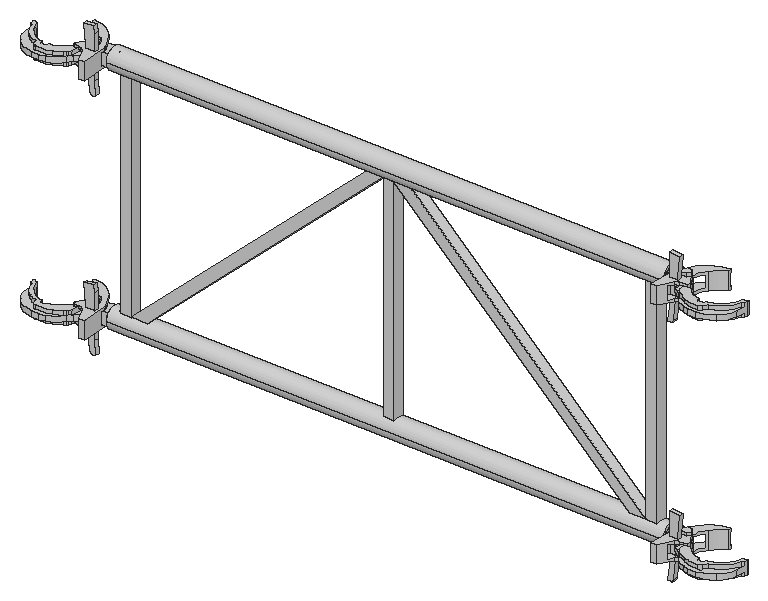
Revit family "EHL_BRACING FRAME 1,5_2220125", category Generic Models, Revit 2018
Family settings
  Can host rebar = No
  Round Connector Dimension = Use Diameter
  Part Type = Normal
  OmniClass Number = 35.51.14.00
  OmniClass Title = FORMWORK
  Work Plane-Based = Yes
  Always vertical = No
  Cut with Voids When Loaded = No
  Shared = Yes
  Room Calculation Point = No
Parameters
  VERSION = "20190101"  # constant formula
  URL = "www.ulmaconstruction.com/en"
  UNICLASS = ""
  ITEM_CODE = "2220125"
  Manufacturer = "ULMA CONSTRUCTION"  # constant formula
  FILTER [instance] = ""
  Default Elevation = 0.000 mm
  CLASSIFICATION_TITLE = ""
  CLASSIFICATION_NUMBER = ""
Reference planes
  plane 1 "Centro (Frontal/Posterior)": y = 0
  plane 2: z = 0
  plane 3 "Centro (Izquierda/Derecha)": x = 0
  plane 4 "SECOND HOOK": z = -530
  plane 5 "ITEM_LENGTH": x = 1500
Forms (mm)
  Extrusion 1, solid, material "ULMA ZINC", detail levels fine
    sketch origin (0, 0, 0) x (0, 1, 0) y (0, 0, 1)
      loop
        circle (0, 0) r 21.25
    from 112.779 to 131.962
  Extrusion 2, solid, material "ULMA ZINC", detail levels fine
    sketch origin (0, 0, 0) x (1, 0, 0) y (0, 1, 0)
      loop
        arc (-9.415, -54.949) -> (-39.125, -39.715) -> (-54.802, -10.236) r 55.75
        arc (-54.802, -10.236) -> (-55.276, -9.18) -> (-56.181, -8.458) r 2.46
        line (-56.181, -8.458) -> (-62.543, -5.491)
        arc (-62.543, -5.491) -> (-65.221, -5.854) -> (-66.004, -8.441) r 2.5
        line (-66.004, -8.441) -> (-65.503, -10.204) -> (-62.722, -35.861)
        arc (-62.722, -35.861) -> (-56.857, -54.21) -> (-44.498, -68.985) r 50.058
        arc (-44.498, -68.985) -> (-27.276, -79.37) -> (-7.835, -84.52) r 71.127
        line (-7.835, -84.52) -> (9.041, -84.52)
        arc (9.041, -84.52) -> (15.444, -83.458) -> (21.727, -81.83) r 72.924
        arc (21.727, -81.83) -> (38.94, -72.801) -> (51.518, -57.981) r 50.939
        arc (51.518, -57.981) -> (54.926, -53.297) -> (59.315, -49.519) r 25
        arc (59.315, -49.519) -> (69.169, -42.343) -> (78.5, -34.5) r 175.396
        line (78.5, -34.5) -> (79.668, -21.151)
        arc (79.668, -21.151) -> (80.95, -18.551) -> (83.653, -17.5) r 4
        line (83.653, -17.5) -> (112.779, -17.5) -> (112.779, 21) -> (110, 21) -> (80.183, 8.953)
        arc (80.183, 8.953) -> (63.164, -2.449) -> (52.146, -19.72) r 50
        arc (52.146, -19.72) -> (46.491, -30.767) -> (38.533, -40.29) r 55.75
        arc (38.533, -40.29) -> (25.075, -49.793) -> (9.427, -54.947) r 55.75
        arc (9.427, -54.947) -> (8.551, -55.329) -> (7.953, -56.073) r 2
        line (7.953, -56.073) -> (6.194, -59.845)
        arc (6.194, -59.845) -> (5.456, -60.687) -> (4.381, -61) r 2
        line (4.381, -61) -> (-4.381, -61)
        arc (-4.381, -61) -> (-5.456, -60.687) -> (-6.194, -59.845) r 2
        line (-6.194, -59.845) -> (-7.952, -56.075)
        spline (-7.952, -56.075) -> (-8.025, -55.934) -> (-8.109, -55.798) -> (-8.204, -55.67) -> (-8.309, -55.55) -> (-8.423, -55.439) -> (-8.546, -55.337) -> (-8.677, -55.246) -> (-8.814, -55.165) -> (-8.958, -55.096) -> (-9.107, -55.038) -> (-9.26, -54.992) -> (-9.415, -54.949)
      loop
        circle (75, -5) r 5.25
    from -14.2 to 14.2
  Extrusion 3, void
    sketch origin (0, 0, 0) x (0, -1, 0) y (0, 0, -1)
      loop
        arc (-9.288, -8.299) -> (-6.038, -6.696) -> (-4.724, -3.318) r 5
        line (-4.724, -3.318) -> (-4.724, 3.318)
        arc (-4.724, 3.318) -> (-6.038, 6.696) -> (-9.288, 8.299) r 5
        line (-9.288, 8.299) -> (-24, 9.586) -> (-24, -9.586) -> (-9.288, -8.299)
    from 69.04 to 137.016
  Extrusion 4, void
    sketch origin (0, 0, 0) x (1, 0, 0) y (0, 1, 0)
      loop
        arc (-17.172, -61.068) -> (-43.879, -45.835) -> (-60.07, -19.699) r 62.406
        line (-60.07, -19.699) -> (-66.013, -14.348) -> (-66.013, -86.27) -> (80.89, -86.27) -> (80.89, -20.894)
        arc (80.89, -20.894) -> (73.161, -21.045) -> (65.431, -21.139) r 1055.933
        arc (65.431, -21.139) -> (61.807, -25.128) -> (58.331, -29.248) r 147.622
        line (58.331, -29.248) -> (56.547, -48.914)
        arc (56.547, -48.914) -> (54.986, -51.483) -> (53.221, -53.917) r 36.931
        line (53.221, -53.917) -> (50.918, -56.844) -> (47.592, -60.536)
        arc (47.592, -60.536) -> (37.876, -65.558) -> (27.858, -69.948) r 170.736
        arc (27.858, -69.948) -> (11.017, -74.507) -> (-6.42, -75.069) r 75.203
        arc (-6.42, -75.069) -> (-10.277, -73.661) -> (-12.897, -70.501) r 7.858
        arc (-12.897, -70.501) -> (-15.044, -65.777) -> (-17.172, -61.068) r 2222.639
    from 5.6 to 14.2
  Extrusion 5, void
    sketch origin (0, 0, -35) x (1, 0, 0) y (0, 1, 0)
      loop
        arc (-17.172, -61.068) -> (-43.879, -45.835) -> (-60.07, -19.699) r 62.406
        line (-60.07, -19.699) -> (-66.013, -14.348) -> (-66.013, -86.27) -> (80.89, -86.27) -> (80.89, -20.894)
        arc (80.89, -20.894) -> (73.161, -21.045) -> (65.431, -21.139) r 1055.933
        arc (65.431, -21.139) -> (61.807, -25.128) -> (58.331, -29.248) r 147.622
        line (58.331, -29.248) -> (56.547, -48.914)
        arc (56.547, -48.914) -> (54.986, -51.483) -> (53.221, -53.917) r 36.931
        line (53.221, -53.917) -> (50.918, -56.844) -> (47.592, -60.536)
        arc (47.592, -60.536) -> (37.876, -65.558) -> (27.858, -69.948) r 170.736
        arc (27.858, -69.948) -> (11.017, -74.507) -> (-6.42, -75.069) r 75.203
        arc (-6.42, -75.069) -> (-10.277, -73.661) -> (-12.897, -70.501) r 7.858
        arc (-12.897, -70.501) -> (-15.044, -65.777) -> (-17.172, -61.068) r 2222.639
    from 20.8 to 29.4
  Extrusion 6, solid, material "ULMA ZINC", detail levels fine
    sketch origin (0, 0, 0) x (1, 0, 0) y (0, 1, 0)
      loop
        arc (88.479, 13.391) -> (63.063, 42.619) -> (26.896, 56.482) r 80
        arc (26.896, 56.482) -> (23.121, 54.016) -> (24.908, 49.876) r 3.5
        arc (24.908, 49.876) -> (39.309, 39.533) -> (49.734, 25.19) r 55.75
        arc (49.734, 25.19) -> (61.962, 1.553) -> (52.083, -23.159) r 32
        arc (52.083, -23.159) -> (50.416, -26.594) -> (48.522, -29.91) r 57
        arc (48.522, -29.91) -> (48.319, -32.667) -> (50.457, -34.42) r 3
        line (50.457, -34.42) -> (68.517, -38.23)
        arc (68.517, -38.23) -> (72.482, -40.036) -> (75.302, -43.357) r 10
        line (75.302, -43.357) -> (90.904, -73) -> (103.699, -73) -> (100.509, -12.123)
        arc (100.509, -12.123) -> (100.181, -10.058) -> (99.432, -8.106) r 10
        line (99.432, -8.106) -> (88.479, 13.391)
    from -19.75 to 19.75
  Extrusion 7, void
    sketch origin (0, 0, 0) x (1, 0, 0) y (0, 1, 0)
      loop
        arc (53.518, 21.701) -> (61.984, -1.023) -> (52.083, -23.159) r 32
        arc (52.083, -23.159) -> (50.416, -26.594) -> (48.522, -29.91) r 57
        arc (48.522, -29.91) -> (48.319, -32.667) -> (50.457, -34.42) r 3
        line (50.457, -34.42) -> (68.517, -38.23)
        arc (68.517, -38.23) -> (72.482, -40.036) -> (75.302, -43.357) r 10
        line (75.302, -43.357) -> (81.718, -55.548) -> (94, -55.548) -> (94, -23) -> (101.079, -23) -> (100.509, -12.123)
        arc (100.509, -12.123) -> (100.181, -10.058) -> (99.432, -8.106) r 10
        line (99.432, -8.106) -> (88.479, 13.391)
        arc (88.479, 13.391) -> (63.063, 42.619) -> (26.896, 56.482) r 80
        arc (26.896, 56.482) -> (24.143, 55.62) -> (22.972, 52.984) r 3.5
        arc (22.972, 52.984) -> (24.396, 52.344) -> (25.802, 51.665) r 57.75
        arc (25.802, 51.665) -> (42.395, 39.213) -> (53.518, 21.701) r 57.75
    from -14.75 to 14.75
  Extrusion 8, solid, material "ULMA ZINC", detail levels fine
    sketch origin (0, 0, 0) x (1, 0, 0) y (0, 0, 1)
      loop
        line (69.566, 68.569) -> (83.484, -66.214)
        arc (83.484, -66.214) -> (85.85, -70.589) -> (90.616, -72.011) r 6.499
        line (90.616, -72.011) -> (97.081, -71.344) -> (93.997, -41.477) -> (93.997, 55.885) -> (92.444, 70.931) -> (69.566, 68.569)
    from 23.25 to 31.75
  Extrusion 9, solid, material "ULMA ZINC", detail levels fine
    sketch origin (0, 0, 0) x (1, 0, 0) y (0, 1, 0)
      loop
        line (70.093, 3.5) -> (65.185, -5) -> (70.093, -13.5) -> (79.907, -13.5) -> (84.815, -5) -> (79.907, 3.5) -> (70.093, 3.5)
    from 19.75 to 26.75
  Extrusion 10, solid, material "ULMA ZINC", detail levels fine
    sketch origin (0, 0, -46.5) x (1, 0, 0) y (0, 1, 0)
      loop
        line (70.093, 3.5) -> (65.185, -5) -> (70.093, -13.5) -> (79.907, -13.5) -> (84.815, -5) -> (79.907, 3.5) -> (70.093, 3.5)
    from 19.75 to 26.75
  Extrusion 11, solid, material "ULMA ZINC", detail levels fine
    sketch origin (1500, 0, 0) x (0, 1, 0) y (0, 0, -1)
      loop
        circle (0, 0) r 21.25
    from 112.779 to 131.962
  Extrusion 12, solid, material "ULMA ZINC", detail levels fine
    sketch origin (1500, 0, 0) x (-1, 0, 0) y (0, -1, 0)
      loop
        spline (-9.415, 54.949) -> (-9.26, 54.992) -> (-9.107, 55.038) -> (-8.958, 55.096) -> (-8.814, 55.165) -> (-8.677, 55.246) -> (-8.546, 55.337) -> (-8.423, 55.439) -> (-8.309, 55.55) -> (-8.204, 55.67) -> (-8.109, 55.798) -> (-8.025, 55.934) -> (-7.952, 56.075)
        line (-7.952, 56.075) -> (-6.194, 59.845)
        arc (-6.194, 59.845) -> (-5.456, 60.687) -> (-4.381, 61) r 2
        line (-4.381, 61) -> (4.381, 61)
        arc (4.381, 61) -> (5.456, 60.687) -> (6.194, 59.845) r 2
        line (6.194, 59.845) -> (7.953, 56.073)
        arc (7.953, 56.073) -> (8.551, 55.329) -> (9.427, 54.947) r 2
        arc (9.427, 54.947) -> (25.075, 49.793) -> (38.533, 40.29) r 55.75
        arc (38.533, 40.29) -> (46.491, 30.767) -> (52.146, 19.72) r 55.75
        arc (52.146, 19.72) -> (63.164, 2.449) -> (80.183, -8.953) r 50
        line (80.183, -8.953) -> (110, -21) -> (112.779, -21) -> (112.779, 17.5) -> (83.653, 17.5)
        arc (83.653, 17.5) -> (80.95, 18.551) -> (79.668, 21.151) r 4
        line (79.668, 21.151) -> (78.5, 34.5)
        arc (78.5, 34.5) -> (69.169, 42.343) -> (59.315, 49.519) r 175.396
        arc (59.315, 49.519) -> (54.926, 53.297) -> (51.518, 57.981) r 25
        arc (51.518, 57.981) -> (38.94, 72.801) -> (21.727, 81.83) r 50.939
        arc (21.727, 81.83) -> (15.444, 83.458) -> (9.041, 84.52) r 72.924
        line (9.041, 84.52) -> (-7.835, 84.52)
        arc (-7.835, 84.52) -> (-27.276, 79.37) -> (-44.498, 68.985) r 71.127
        arc (-44.498, 68.985) -> (-56.857, 54.21) -> (-62.722, 35.861) r 50.058
        line (-62.722, 35.861) -> (-65.503, 10.204) -> (-66.004, 8.441)
        arc (-66.004, 8.441) -> (-65.221, 5.854) -> (-62.543, 5.491) r 2.5
        line (-62.543, 5.491) -> (-56.181, 8.458)
        arc (-56.181, 8.458) -> (-55.276, 9.18) -> (-54.802, 10.236) r 2.46
        arc (-54.802, 10.236) -> (-39.125, 39.715) -> (-9.415, 54.949) r 55.75
      loop
        circle (75, 5) r 5.25
    from -14.2 to 14.2
  Extrusion 13, void
    sketch origin (1500, 0, 0) x (0, -1, 0) y (0, 0, 1)
      loop
        line (-9.288, 8.299) -> (-24, 9.586) -> (-24, -9.586) -> (-9.288, -8.299)
        arc (-9.288, -8.299) -> (-6.038, -6.696) -> (-4.724, -3.318) r 5
        line (-4.724, -3.318) -> (-4.724, 3.318)
        arc (-4.724, 3.318) -> (-6.038, 6.696) -> (-9.288, 8.299) r 5
    from 69.04 to 137.016
  Extrusion 14, void
    sketch origin (1500, 0, -35) x (-1, 0, 0) y (0, -1, 0)
      loop
        arc (-17.172, 61.068) -> (-15.044, 65.777) -> (-12.897, 70.501) r 2222.639
        arc (-12.897, 70.501) -> (-10.277, 73.661) -> (-6.42, 75.069) r 7.858
        arc (-6.42, 75.069) -> (11.017, 74.507) -> (27.858, 69.948) r 75.203
        arc (27.858, 69.948) -> (37.876, 65.558) -> (47.592, 60.536) r 170.736
        line (47.592, 60.536) -> (50.918, 56.844) -> (53.221, 53.917)
        arc (53.221, 53.917) -> (54.986, 51.483) -> (56.547, 48.914) r 36.931
        line (56.547, 48.914) -> (58.331, 29.248)
        arc (58.331, 29.248) -> (61.807, 25.128) -> (65.431, 21.139) r 147.622
        arc (65.431, 21.139) -> (73.161, 21.045) -> (80.89, 20.894) r 1055.933
        line (80.89, 20.894) -> (80.89, 86.27) -> (-66.013, 86.27) -> (-66.013, 14.348) -> (-60.07, 19.699)
        arc (-60.07, 19.699) -> (-43.879, 45.835) -> (-17.172, 61.068) r 62.406
    from 20.8 to 29.4
  Extrusion 15, solid, material "ULMA ZINC", detail levels fine
    sketch origin (1500, 0, 0) x (-1, 0, 0) y (0, -1, 0)
      loop
        line (88.479, -13.391) -> (99.432, 8.106)
        arc (99.432, 8.106) -> (100.181, 10.058) -> (100.509, 12.123) r 10
        line (100.509, 12.123) -> (103.699, 73) -> (90.904, 73) -> (75.302, 43.357)
        arc (75.302, 43.357) -> (72.482, 40.036) -> (68.517, 38.23) r 10
        line (68.517, 38.23) -> (50.457, 34.42)
        arc (50.457, 34.42) -> (48.319, 32.667) -> (48.522, 29.91) r 3
        arc (48.522, 29.91) -> (50.416, 26.594) -> (52.083, 23.159) r 57
        arc (52.083, 23.159) -> (61.962, -1.553) -> (49.734, -25.19) r 32
        arc (49.734, -25.19) -> (39.309, -39.533) -> (24.908, -49.876) r 55.75
        arc (24.908, -49.876) -> (23.121, -54.016) -> (26.896, -56.482) r 3.5
        arc (26.896, -56.482) -> (63.063, -42.619) -> (88.479, -13.391) r 80
    from -19.75 to 19.75
  Extrusion 16, void
    sketch origin (1500, 0, 0) x (-1, 0, 0) y (0, -1, 0)
      loop
        arc (53.518, -21.701) -> (42.395, -39.213) -> (25.802, -51.665) r 57.75
        arc (25.802, -51.665) -> (24.396, -52.344) -> (22.972, -52.984) r 57.75
        arc (22.972, -52.984) -> (24.143, -55.62) -> (26.896, -56.482) r 3.5
        arc (26.896, -56.482) -> (63.063, -42.619) -> (88.479, -13.391) r 80
        line (88.479, -13.391) -> (99.432, 8.106)
        arc (99.432, 8.106) -> (100.181, 10.058) -> (100.509, 12.123) r 10
        line (100.509, 12.123) -> (101.079, 23) -> (94, 23) -> (94, 55.548) -> (81.718, 55.548) -> (75.302, 43.357)
        arc (75.302, 43.357) -> (72.482, 40.036) -> (68.517, 38.23) r 10
        line (68.517, 38.23) -> (50.457, 34.42)
        arc (50.457, 34.42) -> (48.319, 32.667) -> (48.522, 29.91) r 3
        arc (48.522, 29.91) -> (50.416, 26.594) -> (52.083, 23.159) r 57
        arc (52.083, 23.159) -> (61.984, 1.023) -> (53.518, -21.701) r 32
    from -14.75 to 14.75
  Extrusion 17, solid, material "ULMA ZINC", detail levels fine
    sketch origin (1500, 0, 0) x (-1, 0, 0) y (0, 0, -1)
      loop
        line (69.566, -68.569) -> (92.444, -70.931) -> (93.997, -55.885) -> (93.997, 41.477) -> (97.081, 71.344) -> (90.616, 72.011)
        arc (90.616, 72.011) -> (85.85, 70.589) -> (83.484, 66.214) r 6.499
        line (83.484, 66.214) -> (69.566, -68.569)
    from 23.25 to 31.75
  Extrusion 18, solid, material "ULMA ZINC", detail levels fine
    sketch origin (1500, 0, 0) x (-1, 0, 0) y (0, -1, 0)
      loop
        line (70.093, -3.5) -> (79.907, -3.5) -> (84.815, 5) -> (79.907, 13.5) -> (70.093, 13.5) -> (65.185, 5) -> (70.093, -3.5)
    from 19.75 to 26.75
  Extrusion 19, void
    sketch origin (1500, 0, -15.2) x (-1, 0, 0) y (0, -1, 0)
      loop
        arc (-17.172, 61.068) -> (-15.044, 65.777) -> (-12.897, 70.501) r 2222.639
        arc (-12.897, 70.501) -> (-10.277, 73.661) -> (-6.42, 75.069) r 7.858
        arc (-6.42, 75.069) -> (11.017, 74.507) -> (27.858, 69.948) r 75.203
        arc (27.858, 69.948) -> (37.876, 65.558) -> (47.592, 60.536) r 170.736
        line (47.592, 60.536) -> (50.918, 56.844) -> (53.221, 53.917)
        arc (53.221, 53.917) -> (54.986, 51.483) -> (56.547, 48.914) r 36.931
        line (56.547, 48.914) -> (58.331, 29.248)
        arc (58.331, 29.248) -> (61.807, 25.128) -> (65.431, 21.139) r 147.622
        arc (65.431, 21.139) -> (73.161, 21.045) -> (80.89, 20.894) r 1055.933
        line (80.89, 20.894) -> (80.89, 86.27) -> (-66.013, 86.27) -> (-66.013, 14.348) -> (-60.07, 19.699)
        arc (-60.07, 19.699) -> (-43.879, 45.835) -> (-17.172, 61.068) r 62.406
    from 20.8 to 29.4
  Extrusion 20, solid, material "ULMA ZINC", detail levels fine
    sketch origin (0, 0, -530) x (0, 1, 0) y (0, 0, 1)
      loop
        circle (0, 0) r 21.25
    from 112.779 to 131.962
  Extrusion 21, solid, material "ULMA ZINC", detail levels fine
    sketch origin (0, 0, -530) x (1, 0, 0) y (0, 1, 0)
      loop
        arc (-9.415, -54.949) -> (-39.125, -39.715) -> (-54.802, -10.236) r 55.75
        arc (-54.802, -10.236) -> (-55.276, -9.18) -> (-56.181, -8.458) r 2.46
        line (-56.181, -8.458) -> (-62.543, -5.491)
        arc (-62.543, -5.491) -> (-65.221, -5.854) -> (-66.004, -8.441) r 2.5
        line (-66.004, -8.441) -> (-65.503, -10.204) -> (-62.722, -35.861)
        arc (-62.722, -35.861) -> (-56.857, -54.21) -> (-44.498, -68.985) r 50.058
        arc (-44.498, -68.985) -> (-27.276, -79.37) -> (-7.835, -84.52) r 71.127
        line (-7.835, -84.52) -> (9.041, -84.52)
        arc (9.041, -84.52) -> (15.444, -83.458) -> (21.727, -81.83) r 72.924
        arc (21.727, -81.83) -> (38.94, -72.801) -> (51.518, -57.981) r 50.939
        arc (51.518, -57.981) -> (54.926, -53.297) -> (59.315, -49.519) r 25
        arc (59.315, -49.519) -> (69.169, -42.343) -> (78.5, -34.5) r 175.396
        line (78.5, -34.5) -> (79.668, -21.151)
        arc (79.668, -21.151) -> (80.95, -18.551) -> (83.653, -17.5) r 4
        line (83.653, -17.5) -> (112.779, -17.5) -> (112.779, 21) -> (110, 21) -> (80.183, 8.953)
        arc (80.183, 8.953) -> (63.164, -2.449) -> (52.146, -19.72) r 50
        arc (52.146, -19.72) -> (46.491, -30.767) -> (38.533, -40.29) r 55.75
        arc (38.533, -40.29) -> (25.075, -49.793) -> (9.427, -54.947) r 55.75
        arc (9.427, -54.947) -> (8.551, -55.329) -> (7.953, -56.073) r 2
        line (7.953, -56.073) -> (6.194, -59.845)
        arc (6.194, -59.845) -> (5.456, -60.687) -> (4.381, -61) r 2
        line (4.381, -61) -> (-4.381, -61)
        arc (-4.381, -61) -> (-5.456, -60.687) -> (-6.194, -59.845) r 2
        line (-6.194, -59.845) -> (-7.952, -56.075)
        spline (-7.952, -56.075) -> (-8.025, -55.934) -> (-8.109, -55.798) -> (-8.204, -55.67) -> (-8.309, -55.55) -> (-8.423, -55.439) -> (-8.546, -55.337) -> (-8.677, -55.246) -> (-8.814, -55.165) -> (-8.958, -55.096) -> (-9.107, -55.038) -> (-9.26, -54.992) -> (-9.415, -54.949)
      loop
        circle (75, -5) r 5.25
    from -14.2 to 14.2
  Extrusion 22, void
    sketch origin (0, 0, -530) x (0, -1, 0) y (0, 0, -1)
      loop
        arc (-9.288, -8.299) -> (-6.038, -6.696) -> (-4.724, -3.318) r 5
        line (-4.724, -3.318) -> (-4.724, 3.318)
        arc (-4.724, 3.318) -> (-6.038, 6.696) -> (-9.288, 8.299) r 5
        line (-9.288, 8.299) -> (-24, 9.586) -> (-24, -9.586) -> (-9.288, -8.299)
    from 69.04 to 137.016
  Extrusion 23, void
    sketch origin (0, 0, -565) x (1, 0, 0) y (0, 1, 0)
      loop
        arc (-17.172, -61.068) -> (-43.879, -45.835) -> (-60.07, -19.699) r 62.406
        line (-60.07, -19.699) -> (-66.013, -14.348) -> (-66.013, -86.27) -> (80.89, -86.27) -> (80.89, -20.894)
        arc (80.89, -20.894) -> (73.161, -21.045) -> (65.431, -21.139) r 1055.933
        arc (65.431, -21.139) -> (61.807, -25.128) -> (58.331, -29.248) r 147.622
        line (58.331, -29.248) -> (56.547, -48.914)
        arc (56.547, -48.914) -> (54.986, -51.483) -> (53.221, -53.917) r 36.931
        line (53.221, -53.917) -> (50.918, -56.844) -> (47.592, -60.536)
        arc (47.592, -60.536) -> (37.876, -65.558) -> (27.858, -69.948) r 170.736
        arc (27.858, -69.948) -> (11.017, -74.507) -> (-6.42, -75.069) r 75.203
        arc (-6.42, -75.069) -> (-10.277, -73.661) -> (-12.897, -70.501) r 7.858
        arc (-12.897, -70.501) -> (-15.044, -65.777) -> (-17.172, -61.068) r 2222.639
    from 20.8 to 29.4
  Extrusion 24, solid, material "ULMA ZINC", detail levels fine
    sketch origin (0, 0, -530) x (1, 0, 0) y (0, 1, 0)
      loop
        arc (88.479, 13.391) -> (63.063, 42.619) -> (26.896, 56.482) r 80
        arc (26.896, 56.482) -> (23.121, 54.016) -> (24.908, 49.876) r 3.5
        arc (24.908, 49.876) -> (39.309, 39.533) -> (49.734, 25.19) r 55.75
        arc (49.734, 25.19) -> (61.962, 1.553) -> (52.083, -23.159) r 32
        arc (52.083, -23.159) -> (50.416, -26.594) -> (48.522, -29.91) r 57
        arc (48.522, -29.91) -> (48.319, -32.667) -> (50.457, -34.42) r 3
        line (50.457, -34.42) -> (68.517, -38.23)
        arc (68.517, -38.23) -> (72.482, -40.036) -> (75.302, -43.357) r 10
        line (75.302, -43.357) -> (90.904, -73) -> (103.699, -73) -> (100.509, -12.123)
        arc (100.509, -12.123) -> (100.181, -10.058) -> (99.432, -8.106) r 10
        line (99.432, -8.106) -> (88.479, 13.391)
    from -19.75 to 19.75
  Extrusion 25, void
    sketch origin (0, 0, -530) x (1, 0, 0) y (0, 1, 0)
      loop
        arc (53.518, 21.701) -> (61.984, -1.023) -> (52.083, -23.159) r 32
        arc (52.083, -23.159) -> (50.416, -26.594) -> (48.522, -29.91) r 57
        arc (48.522, -29.91) -> (48.319, -32.667) -> (50.457, -34.42) r 3
        line (50.457, -34.42) -> (68.517, -38.23)
        arc (68.517, -38.23) -> (72.482, -40.036) -> (75.302, -43.357) r 10
        line (75.302, -43.357) -> (81.718, -55.548) -> (94, -55.548) -> (94, -23) -> (101.079, -23) -> (100.509, -12.123)
        arc (100.509, -12.123) -> (100.181, -10.058) -> (99.432, -8.106) r 10
        line (99.432, -8.106) -> (88.479, 13.391)
        arc (88.479, 13.391) -> (63.063, 42.619) -> (26.896, 56.482) r 80
        arc (26.896, 56.482) -> (24.143, 55.62) -> (22.972, 52.984) r 3.5
        arc (22.972, 52.984) -> (24.396, 52.344) -> (25.802, 51.665) r 57.75
        arc (25.802, 51.665) -> (42.395, 39.213) -> (53.518, 21.701) r 57.75
    from -14.75 to 14.75
  Extrusion 26, solid, material "ULMA ZINC", detail levels fine
    sketch origin (0, 0, -530) x (1, 0, 0) y (0, 0, 1)
      loop
        line (69.566, 68.569) -> (83.484, -66.214)
        arc (83.484, -66.214) -> (85.85, -70.589) -> (90.616, -72.011) r 6.499
        line (90.616, -72.011) -> (97.081, -71.344) -> (93.997, -41.477) -> (93.997, 55.885) -> (92.444, 70.931) -> (69.566, 68.569)
    from 23.25 to 31.75
  Extrusion 27, solid, material "ULMA ZINC", detail levels fine
    sketch origin (0, 0, -530) x (1, 0, 0) y (0, 1, 0)
      loop
        line (70.093, 3.5) -> (65.185, -5) -> (70.093, -13.5) -> (79.907, -13.5) -> (84.815, -5) -> (79.907, 3.5) -> (70.093, 3.5)
    from 19.75 to 26.75
  Extrusion 28, solid, material "ULMA ZINC", detail levels fine
    sketch origin (0, 0, -576.5) x (1, 0, 0) y (0, 1, 0)
      loop
        line (70.093, 3.5) -> (65.185, -5) -> (70.093, -13.5) -> (79.907, -13.5) -> (84.815, -5) -> (79.907, 3.5) -> (70.093, 3.5)
    from 19.75 to 26.75
  Extrusion 29, solid, material "ULMA ZINC", detail levels fine
    sketch origin (1500, 0, -530) x (0, 1, 0) y (0, 0, -1)
      loop
        circle (0, 0) r 21.25
    from 112.779 to 131.962
  Extrusion 30, solid, material "ULMA ZINC", detail levels fine
    sketch origin (1500, 0, -530) x (-1, 0, 0) y (0, -1, 0)
      loop
        spline (-9.415, 54.949) -> (-9.26, 54.992) -> (-9.107, 55.038) -> (-8.958, 55.096) -> (-8.814, 55.165) -> (-8.677, 55.246) -> (-8.546, 55.337) -> (-8.423, 55.439) -> (-8.309, 55.55) -> (-8.204, 55.67) -> (-8.109, 55.798) -> (-8.025, 55.934) -> (-7.952, 56.075)
        line (-7.952, 56.075) -> (-6.194, 59.845)
        arc (-6.194, 59.845) -> (-5.456, 60.687) -> (-4.381, 61) r 2
        line (-4.381, 61) -> (4.381, 61)
        arc (4.381, 61) -> (5.456, 60.687) -> (6.194, 59.845) r 2
        line (6.194, 59.845) -> (7.953, 56.073)
        arc (7.953, 56.073) -> (8.551, 55.329) -> (9.427, 54.947) r 2
        arc (9.427, 54.947) -> (25.075, 49.793) -> (38.533, 40.29) r 55.75
        arc (38.533, 40.29) -> (46.491, 30.767) -> (52.146, 19.72) r 55.75
        arc (52.146, 19.72) -> (63.164, 2.449) -> (80.183, -8.953) r 50
        line (80.183, -8.953) -> (110, -21) -> (112.779, -21) -> (112.779, 17.5) -> (83.653, 17.5)
        arc (83.653, 17.5) -> (80.95, 18.551) -> (79.668, 21.151) r 4
        line (79.668, 21.151) -> (78.5, 34.5)
        arc (78.5, 34.5) -> (69.169, 42.343) -> (59.315, 49.519) r 175.396
        arc (59.315, 49.519) -> (54.926, 53.297) -> (51.518, 57.981) r 25
        arc (51.518, 57.981) -> (38.94, 72.801) -> (21.727, 81.83) r 50.939
        arc (21.727, 81.83) -> (15.444, 83.458) -> (9.041, 84.52) r 72.924
        line (9.041, 84.52) -> (-7.835, 84.52)
        arc (-7.835, 84.52) -> (-27.276, 79.37) -> (-44.498, 68.985) r 71.127
        arc (-44.498, 68.985) -> (-56.857, 54.21) -> (-62.722, 35.861) r 50.058
        line (-62.722, 35.861) -> (-65.503, 10.204) -> (-66.004, 8.441)
        arc (-66.004, 8.441) -> (-65.221, 5.854) -> (-62.543, 5.491) r 2.5
        line (-62.543, 5.491) -> (-56.181, 8.458)
        arc (-56.181, 8.458) -> (-55.276, 9.18) -> (-54.802, 10.236) r 2.46
        arc (-54.802, 10.236) -> (-39.125, 39.715) -> (-9.415, 54.949) r 55.75
      loop
        circle (75, 5) r 5.25
    from -14.2 to 14.2
  Extrusion 31, void
    sketch origin (1500, 0, -530) x (0, -1, 0) y (0, 0, 1)
      loop
        line (-9.288, 8.299) -> (-24, 9.586) -> (-24, -9.586) -> (-9.288, -8.299)
        arc (-9.288, -8.299) -> (-6.038, -6.696) -> (-4.724, -3.318) r 5
        line (-4.724, -3.318) -> (-4.724, 3.318)
        arc (-4.724, 3.318) -> (-6.038, 6.696) -> (-9.288, 8.299) r 5
    from 69.04 to 137.016
  Extrusion 32, void
    sketch origin (1500, 0, -565) x (-1, 0, 0) y (0, -1, 0)
      loop
        arc (-17.172, 61.068) -> (-15.044, 65.777) -> (-12.897, 70.501) r 2222.639
        arc (-12.897, 70.501) -> (-10.277, 73.661) -> (-6.42, 75.069) r 7.858
        arc (-6.42, 75.069) -> (11.017, 74.507) -> (27.858, 69.948) r 75.203
        arc (27.858, 69.948) -> (37.876, 65.558) -> (47.592, 60.536) r 170.736
        line (47.592, 60.536) -> (50.918, 56.844) -> (53.221, 53.917)
        arc (53.221, 53.917) -> (54.986, 51.483) -> (56.547, 48.914) r 36.931
        line (56.547, 48.914) -> (58.331, 29.248)
        arc (58.331, 29.248) -> (61.807, 25.128) -> (65.431, 21.139) r 147.622
        arc (65.431, 21.139) -> (73.161, 21.045) -> (80.89, 20.894) r 1055.933
        line (80.89, 20.894) -> (80.89, 86.27) -> (-66.013, 86.27) -> (-66.013, 14.348) -> (-60.07, 19.699)
        arc (-60.07, 19.699) -> (-43.879, 45.835) -> (-17.172, 61.068) r 62.406
    from 20.8 to 29.4
  Extrusion 33, solid, material "ULMA ZINC", detail levels fine
    sketch origin (1500, 0, -530) x (-1, 0, 0) y (0, -1, 0)
      loop
        line (88.479, -13.391) -> (99.432, 8.106)
        arc (99.432, 8.106) -> (100.181, 10.058) -> (100.509, 12.123) r 10
        line (100.509, 12.123) -> (103.699, 73) -> (90.904, 73) -> (75.302, 43.357)
        arc (75.302, 43.357) -> (72.482, 40.036) -> (68.517, 38.23) r 10
        line (68.517, 38.23) -> (50.457, 34.42)
        arc (50.457, 34.42) -> (48.319, 32.667) -> (48.522, 29.91) r 3
        arc (48.522, 29.91) -> (50.416, 26.594) -> (52.083, 23.159) r 57
        arc (52.083, 23.159) -> (61.962, -1.553) -> (49.734, -25.19) r 32
        arc (49.734, -25.19) -> (39.309, -39.533) -> (24.908, -49.876) r 55.75
        arc (24.908, -49.876) -> (23.121, -54.016) -> (26.896, -56.482) r 3.5
        arc (26.896, -56.482) -> (63.063, -42.619) -> (88.479, -13.391) r 80
    from -19.75 to 19.75
  Extrusion 34, void
    sketch origin (1500, 0, -530) x (-1, 0, 0) y (0, -1, 0)
      loop
        arc (53.518, -21.701) -> (42.395, -39.213) -> (25.802, -51.665) r 57.75
        arc (25.802, -51.665) -> (24.396, -52.344) -> (22.972, -52.984) r 57.75
        arc (22.972, -52.984) -> (24.143, -55.62) -> (26.896, -56.482) r 3.5
        arc (26.896, -56.482) -> (63.063, -42.619) -> (88.479, -13.391) r 80
        line (88.479, -13.391) -> (99.432, 8.106)
        arc (99.432, 8.106) -> (100.181, 10.058) -> (100.509, 12.123) r 10
        line (100.509, 12.123) -> (101.079, 23) -> (94, 23) -> (94, 55.548) -> (81.718, 55.548) -> (75.302, 43.357)
        arc (75.302, 43.357) -> (72.482, 40.036) -> (68.517, 38.23) r 10
        line (68.517, 38.23) -> (50.457, 34.42)
        arc (50.457, 34.42) -> (48.319, 32.667) -> (48.522, 29.91) r 3
        arc (48.522, 29.91) -> (50.416, 26.594) -> (52.083, 23.159) r 57
        arc (52.083, 23.159) -> (61.984, 1.023) -> (53.518, -21.701) r 32
    from -14.75 to 14.75
  Extrusion 35, solid, material "ULMA ZINC", detail levels fine
    sketch origin (1500, 0, -530) x (-1, 0, 0) y (0, 0, -1)
      loop
        line (69.566, -68.569) -> (92.444, -70.931) -> (93.997, -55.885) -> (93.997, 41.477) -> (97.081, 71.344) -> (90.616, 72.011)
        arc (90.616, 72.011) -> (85.85, 70.589) -> (83.484, 66.214) r 6.499
        line (83.484, 66.214) -> (69.566, -68.569)
    from 23.25 to 31.75
  Extrusion 36, solid, material "ULMA ZINC", detail levels fine
    sketch origin (1500, 0, -530) x (-1, 0, 0) y (0, -1, 0)
      loop
        line (70.093, -3.5) -> (79.907, -3.5) -> (84.815, 5) -> (79.907, 13.5) -> (70.093, 13.5) -> (65.185, 5) -> (70.093, -3.5)
    from 19.75 to 26.75
  Extrusion 37, void
    sketch origin (1500, 0, -545.2) x (-1, 0, 0) y (0, -1, 0)
      loop
        arc (-17.172, 61.068) -> (-15.044, 65.777) -> (-12.897, 70.501) r 2222.639
        arc (-12.897, 70.501) -> (-10.277, 73.661) -> (-6.42, 75.069) r 7.858
        arc (-6.42, 75.069) -> (11.017, 74.507) -> (27.858, 69.948) r 75.203
        arc (27.858, 69.948) -> (37.876, 65.558) -> (47.592, 60.536) r 170.736
        line (47.592, 60.536) -> (50.918, 56.844) -> (53.221, 53.917)
        arc (53.221, 53.917) -> (54.986, 51.483) -> (56.547, 48.914) r 36.931
        line (56.547, 48.914) -> (58.331, 29.248)
        arc (58.331, 29.248) -> (61.807, 25.128) -> (65.431, 21.139) r 147.622
        arc (65.431, 21.139) -> (73.161, 21.045) -> (80.89, 20.894) r 1055.933
        line (80.89, 20.894) -> (80.89, 86.27) -> (-66.013, 86.27) -> (-66.013, 14.348) -> (-60.07, 19.699)
        arc (-60.07, 19.699) -> (-43.879, 45.835) -> (-17.172, 61.068) r 62.406
    from 20.8 to 29.4
  Extrusion 38, void
    sketch origin (0, 0, -530) x (1, 0, 0) y (0, 1, 0)
      loop
        arc (-17.172, -61.068) -> (-43.879, -45.835) -> (-60.07, -19.699) r 62.406
        line (-60.07, -19.699) -> (-66.013, -14.348) -> (-66.013, -86.27) -> (80.89, -86.27) -> (80.89, -20.894)
        arc (80.89, -20.894) -> (73.161, -21.045) -> (65.431, -21.139) r 1055.933
        arc (65.431, -21.139) -> (61.807, -25.128) -> (58.331, -29.248) r 147.622
        line (58.331, -29.248) -> (56.547, -48.914)
        arc (56.547, -48.914) -> (54.986, -51.483) -> (53.221, -53.917) r 36.931
        line (53.221, -53.917) -> (50.918, -56.844) -> (47.592, -60.536)
        arc (47.592, -60.536) -> (37.876, -65.558) -> (27.858, -69.948) r 170.736
        arc (27.858, -69.948) -> (11.017, -74.507) -> (-6.42, -75.069) r 75.203
        arc (-6.42, -75.069) -> (-10.277, -73.661) -> (-12.897, -70.501) r 7.858
        arc (-12.897, -70.501) -> (-15.044, -65.777) -> (-17.172, -61.068) r 2222.639
    from 5.6 to 14.2
  Extrusion 39, solid, material "ULMA ZINC", detail levels medium+fine
    sketch origin (0, 0, 0) x (0, 1, 0) y (0, 0, 1)
      loop
        circle (0, 0) r 24
      loop
        circle (0, -530) r 24
    from 115 to 1385
  Extrusion 40, solid, material "ULMA ZINC", detail levels medium+fine
    sketch origin (0, 0, 0) x (1, 0, 0) y (0, 1, 0)
      loop
        line (162.5, 12.5) -> (137.5, 12.5) -> (137.5, -12.5) -> (162.5, -12.5) -> (162.5, 12.5)
      loop
        line (762.5, 12.5) -> (737.5, 12.5) -> (737.5, -12.5) -> (762.5, -12.5) -> (762.5, 12.5)
      loop
        line (1362.502, 12.5) -> (1337.502, 12.5) -> (1337.502, -12.5) -> (1362.502, -12.5) -> (1362.502, 12.5)
    from -509.429 to -20.571
  Extrusion 41, solid, material "ULMA ZINC", detail levels medium+fine
    sketch origin (0, 0, 0) x (1, 0, 0) y (0, 0, 1)
      loop
        line (737.498, -21.071) -> (700.289, -21.071) -> (162.502, -508.929) -> (199.711, -508.929) -> (737.498, -21.071)
      loop
        line (799.711, -21.071) -> (762.502, -21.071) -> (1300.289, -508.929) -> (1337.498, -508.929) -> (799.711, -21.071)
    from -12.5 to 12.5
  Extrusion 42, solid, material "ULMA ZINC", detail levels fine
    sketch origin (1500, 0, -46.5) x (-1, 0, 0) y (0, -1, 0)
      loop
        line (70.093, -3.5) -> (79.907, -3.5) -> (84.815, 5) -> (79.907, 13.5) -> (70.093, 13.5) -> (65.185, 5) -> (70.093, -3.5)
    from 19.75 to 26.75
  Extrusion 43, solid, material "ULMA ZINC", detail levels fine
    sketch origin (1500, 0, -576.5) x (-1, 0, 0) y (0, -1, 0)
      loop
        line (70.093, -3.5) -> (79.907, -3.5) -> (84.815, 5) -> (79.907, 13.5) -> (70.093, 13.5) -> (65.185, 5) -> (70.093, -3.5)
    from 19.75 to 26.75
  Extrusion 44, solid, material "ULMA ZINC", detail levels medium
    sketch origin (0, 0, 0) x (1, 0, 0) y (0, 1, 0)
      loop
        line (-67.221, 85) -> (-67.221, -85) -> (112.779, -85) -> (112.779, 85) -> (-67.221, 85)
    from -14.2 to 14.2
  Extrusion 45, solid, material "ULMA ZINC", detail levels medium
    sketch origin (1452.221, 0, 0) x (1, 0, 0) y (0, 1, 0)
      loop
        line (-67.221, 85) -> (-67.221, -85) -> (112.779, -85) -> (112.779, 85) -> (-67.221, 85)
    from -14.2 to 14.2
  Extrusion 46, solid, material "ULMA ZINC", detail levels medium
    sketch origin (0, 0, -530) x (1, 0, 0) y (0, 1, 0)
      loop
        line (-67.221, 85) -> (-67.221, -85) -> (112.779, -85) -> (112.779, 85) -> (-67.221, 85)
    from -14.2 to 14.2
  Extrusion 47, solid, material "ULMA ZINC", detail levels medium
    sketch origin (1452.221, 0, -530) x (1, 0, 0) y (0, 1, 0)
      loop
        line (-67.221, 85) -> (-67.221, -85) -> (112.779, -85) -> (112.779, 85) -> (-67.221, 85)
    from -14.2 to 14.2
Cuts and joins
  Extrusion 3, Extrusion 13, Extrusion 22 cuts Extrusion 1
  Extrusion 3, Extrusion 4, Extrusion 5, Extrusion 13, Extrusion 16, Extrusion 22, Extrusion 25 cuts Extrusion 2
  Extrusion 7, Extrusion 16, Extrusion 25 cuts Extrusion 6
  Extrusion 13, Extrusion 31 cuts Extrusion 11
  Extrusion 13, Extrusion 14, Extrusion 19, Extrusion 31, Extrusion 34 cuts Extrusion 12
  Extrusion 13, Extrusion 16, Extrusion 34 cuts Extrusion 15
  Extrusion 23, Extrusion 25, Extrusion 38 cuts Extrusion 8
  Extrusion 32, Extrusion 34, Extrusion 37 cuts Extrusion 17
  Extrusion 22 cuts Extrusion 20
  Extrusion 22, Extrusion 23, Extrusion 38 cuts Extrusion 21
  Extrusion 22, Extrusion 25 cuts Extrusion 24
  Extrusion 31 cuts Extrusion 29
  Extrusion 31, Extrusion 32, Extrusion 37 cuts Extrusion 30
  Extrusion 31, Extrusion 34 cuts Extrusion 33
Lines and regions (mm)
  model lines, style "ULMA BRACING", detail levels coarse
    curve 1: line (0, 0, 0) -> (1500, 0, 0)
    curve 2: line (0, 0, -530) -> (1500, 0, -530)
    curve 3: line (150, 0, 0) -> (150, 0, -530)
    curve 4: line (750, 0, 0) -> (750, 0, -530)
    curve 5: line (1350.002, 0, 0) -> (1350.002, 0, -530)
    curve 6: line (750, 0, 0) -> (1350.002, 0, -530)
    curve 7: line (750, 0, 0) -> (150, 0, -530)
Dimensions and locks
  locked: plane 2 to plane 4 "SECOND HOOK" at 530
  locked: plane 5 "ITEM_LENGTH" to plane 3 "Centro (Izquierda/Derecha)" at 1500
  aligned and locked: level to plane 2
